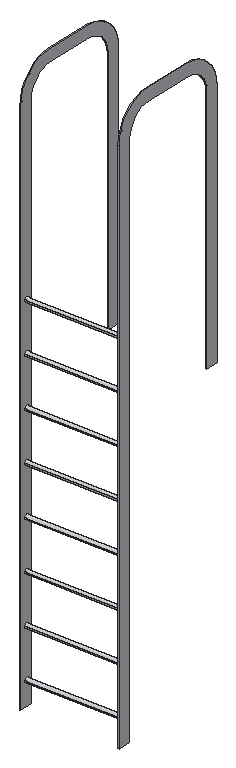
Revit family "GEN_A3-Access-Ladder2", category Specialty Equipment, host Wall, Revit 2015
Parameters (values of type "Access Ladder")
  # of Rungs = Length / 304.8 mm  # 7
  Length = 2133.6 mm
  S.Leg Length = 1778 mm
Reference planes
  plane 1: y = 0
  plane 2 "Center (L/R)": x = 0
  plane 3 "Center (F/B)": y = 76.2
  plane 4: y = -342.9
  plane 5: y = 266.7
  plane 6: y = -419.1
  plane 7: y = 342.9
  plane 8: z = 2438.4
  plane 9: z = 5892.8
  plane 10: z = 4572
  plane 11: z = 5816.6
  plane 12: x = 304.8
  plane 13: x = -304.8
  plane 14: x = 311.15
  plane 15: x = -311.15
  plane 16: y = -381
  plane 17: y = 304.8
  plane 18: z = 4114.8
  plane 19: z = 2743.2
Forms (mm)
  Extrusion 1, solid, material "Steel Ladder"
    sketch origin (0, 0, 0) x (0, 1, 0) y (0, 0, 1)
      loop
        line (-419.1, 2286) -> (-342.9, 2286) -> (-342.9, 5664.2)
        arc (-342.9, 5664.2) -> (-298.263, 5771.963) -> (-190.5, 5816.6) r 152.4
        line (-190.5, 5816.6) -> (114.3, 5816.6)
        arc (114.3, 5816.6) -> (222.063, 5771.963) -> (266.7, 5664.2) r 152.4
        line (266.7, 5664.2) -> (266.7, 4114.8) -> (342.9, 4114.8) -> (342.9, 5664.2)
        arc (342.9, 5664.2) -> (275.945, 5825.845) -> (114.3, 5892.8) r 228.6
        line (114.3, 5892.8) -> (-190.5, 5892.8)
        arc (-190.5, 5892.8) -> (-352.145, 5825.845) -> (-419.1, 5664.2) r 228.6
        line (-419.1, 5664.2) -> (-419.1, 2286)
    from 304.8 to 311.15
  Extrusion 2, solid, material "Steel Ladder"
    sketch origin (0, 0, 0) x (0, 1, 0) y (0, 0, -1)
      loop
        line (-419.1, -2286) -> (-419.1, -5664.2)
        arc (-419.1, -5664.2) -> (-352.145, -5825.845) -> (-190.5, -5892.8) r 228.6
        line (-190.5, -5892.8) -> (114.3, -5892.8)
        arc (114.3, -5892.8) -> (275.945, -5825.845) -> (342.9, -5664.2) r 228.6
        line (342.9, -5664.2) -> (342.9, -4114.8) -> (266.7, -4114.8) -> (266.7, -5664.2)
        arc (266.7, -5664.2) -> (222.063, -5771.963) -> (114.3, -5816.6) r 152.4
        line (114.3, -5816.6) -> (-190.5, -5816.6)
        arc (-190.5, -5816.6) -> (-298.263, -5771.963) -> (-342.9, -5664.2) r 152.4
        line (-342.9, -5664.2) -> (-342.9, -2286) -> (-419.1, -2286)
    from 304.8 to 311.15
  Extrusion 3, solid
    sketch origin (0, 0, 0) x (0, 1, 0) y (0, 0, 1)
      loop
        circle (-381, 2438.4) r 12.7
    from -304.8 to 304.8
  Extrusion 4, solid
    sketch origin (0, 0, 304.8) x (0, 1, 0) y (0, 0, 1)
      loop
        circle (-381, 2438.4) r 12.7
    from -304.8 to 304.8
  Extrusion 5, solid
    sketch origin (0, 0, 609.6) x (0, 1, 0) y (0, 0, 1)
      loop
        circle (-381, 2438.4) r 12.7
    from -304.8 to 304.8
  Extrusion 6, solid
    sketch origin (0, 0, 914.4) x (0, 1, 0) y (0, 0, 1)
      loop
        circle (-381, 2438.4) r 12.7
    from -304.8 to 304.8
  Extrusion 7, solid
    sketch origin (0, 0, 1219.2) x (0, 1, 0) y (0, 0, 1)
      loop
        circle (-381, 2438.4) r 12.7
    from -304.8 to 304.8
  Extrusion 8, solid
    sketch origin (0, 0, 1524) x (0, 1, 0) y (0, 0, 1)
      loop
        circle (-381, 2438.4) r 12.7
    from -304.8 to 304.8
  Extrusion 9, solid
    sketch origin (0, 0, 1828.8) x (0, 1, 0) y (0, 0, 1)
      loop
        circle (-381, 2438.4) r 12.7
    from -304.8 to 304.8
  Extrusion 10, solid
    sketch origin (0, 0, 2133.6) x (0, 1, 0) y (0, 0, 1)
      loop
        circle (-381, 2438.4) r 12.7
    from -304.8 to 304.8
Text (mm)
  text "Outside" at (0, -2728.514, 3239.349), in view "Right"
  text "Placement Side" at (-1490.579, 723.012, 0), in view "Ref. Level"
  text "Placement Side" at (0, 1206.291, 3571.227), in view "Left"
  text "Inside" at (5486.4, 1644.439, 3239.349), in view "Right"
Dimensions and locks
  locked: plane 3 "Center (F/B)" to host wall
  plane 4 to plane 5 = 609.6 mm
  locked: plane 12 to plane 13 at 609.6
  locked: plane 14 to plane 12 at 6.35
  locked: plane 13 to plane 15 at 6.35
  "Length": plane 8 to plane 10
  locked: Extrusion 1 to plane 8 at 152.4
  "S.Leg Length": plane 18 to plane 9
  locked: plane 8 to plane 19 at 304.8
  equal spacing: group 1, group 2, group 3, group 4, group 5, group 6, group 7  (x2)
  locked: plane 9 to plane 10 at 1320.8
  locked: plane 11 to plane 9 at 76.2
  aligned and locked: Extrusion 1 to plane 12
  aligned and locked: plane 14 to Extrusion 1
  aligned and locked: Extrusion 2 to plane 15
  aligned and locked: plane 13 to Extrusion 2
  aligned and locked: Extrusion 2 sketch curve to Extrusion 1
  aligned and locked: Extrusion 3 to Extrusion 1
  aligned and locked: Extrusion 3 to plane 13
  aligned and locked: plane 9 to Extrusion 1 sketch curve
  aligned and locked: Extrusion 1 sketch curve to plane 11
  aligned and locked: Extrusion 2 sketch curve to plane 9
  aligned and locked: plane 11 to Extrusion 2 sketch curve
Automatic sketch dimensions
  Extrusion 1 sketch curve to plane 6 = 0 mm
  Extrusion 1 sketch curve to plane 4 = 0 mm
  Extrusion 1 sketch curve to plane 5 = 0 mm
  Extrusion 1 sketch curve to plane 7 = 0 mm
  Extrusion 1 sketch curve to plane 18 = 0 mm
  host wall to Extrusion 1 sketch curve = 114.3 mm
  Extrusion 1 sketch curve to Extrusion 1 sketch curve = 0 mm
  host wall to Extrusion 1 sketch curve = 38.1 mm  (x2)
  plane 8 to Extrusion 1 sketch curve = 152.4 mm
  Extrusion 2 sketch curve to plane 6 = 0 mm
  Extrusion 2 sketch curve to plane 4 = 0 mm
  Extrusion 2 sketch curve to plane 5 = 0 mm
  Extrusion 2 sketch curve to plane 7 = 0 mm
  Extrusion 2 sketch curve to plane 18 = 0 mm
  host wall to Extrusion 2 sketch curve = 114.3 mm
  Extrusion 2 sketch curve to Extrusion 2 sketch curve = 0 mm
  host wall to Extrusion 2 sketch curve = 38.1 mm  (x2)
